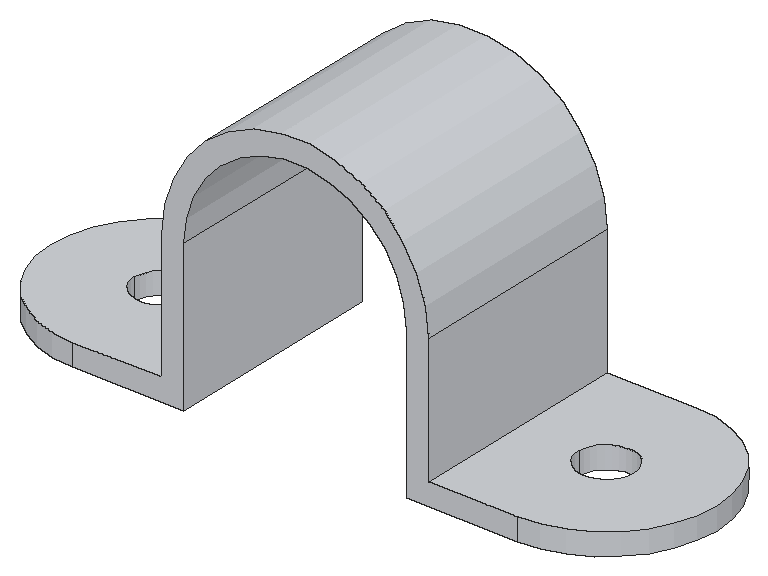
Revit family "PPS20W", category Generic Models, Revit 2017
Family settings
  Can host rebar = No
  Round Connector Dimension = Use Diameter
  Part Type = Normal
  Work Plane-Based = Yes
  Always vertical = No
  Cut with Voids When Loaded = No
  Shared = No
  Room Calculation Point = No
Parameters (values of type "NBS Standard Parameters")
  Weight = "0.0069Kg"
  WarrantyStartDate [instance] = "1900-12-31T23:59:59"
  WarrantyGuarantorParts = "n/a"
  WarrantyGuarantorLabor = "n/a"
  WarrantyDurationUnit = "1 year"
  WarrantyDurationParts = "n/a"
  WarrantyDurationLabor = "n/a"
  WarrantyDescription = "n/a"
  Version = "1"
  Uniclass2 = "Pr_65_70_11_20"
  TagNumber [instance] = "n/a"
  SustainabilityPerformance = "n/a"
  Size = "20mm"
  Shape = "n/a"
  SerialNumber [instance] = "n/a"
  Revision = "n/a"
  ReplacementCost = "n/a"
  ProductInformation = "www.metpro.co.uk/pdf/pps20w.pdf"
  NominalWidth = 20 mm
  NominalLength = 55 mm
  NominalHeight = 21 mm
  Name = ""
  NBSTypeID = ""
  NBSReference = "90-55-10/460"
  NBSOfficeMasterTag = ""
  NBSNote = ""
  NBSDescription = "Conduit Fittings"
  NBSCertification = ""
  ModelReference = "PPS20W"
  ModelNumber = "n/a"
  Material = "PVC"
  ManufacturerURL = "www.metpro.co.uk"
  ManufacturerName = "Metpro Ltd"
  Keynote = "Manufactured to BS4607 Part 1"
  InstallationDate [instance] = "1900-12-31T23:59:59"
  IfcExportType = ""
  IfcExportAs = ""
  Grade = "n/a"
  Finish = "White"
  Features = "n/a"
  ExpectedLife = "n/a"
  DurationUnit = "year"
  Description = "PPS20W -  20mm PVC Plain Saddle"
  Default Elevation = 1219.2 mm
  Constituents = "n/a"
  Color = "n/a"
  CodePerformance = "n/a"
  Category = "n/a"
  BarCode [instance] = "n/a"
  BIMObjectName = "Metpro_metprolibrary_conduitfittings_PVC component_accessory"
  Author = "Metpro Ltd"
  AssetType = ""
  AssetIdentifier [instance] = "n/a"
  AccessibilityPerformance = "n/a"
Reference planes
  plane 1 "Center (Front/Back)": y = 0
  plane 2: z = 0
  plane 3 "Center (Left/Right)": x = 0
Forms (mm)
  Extrusion 1, solid
    sketch origin (-53.563, -43.66, -2.858) x (0, 0, -1) y (-1, 0, 0)
      loop
        line (-14.358, 10) -> (-0.858, 10) -> (-0.858, 30) -> (-2.858, 30) -> (-2.858, 12) -> (-14.358, 12)
        arc (-14.358, 12) -> (-26.358, 0) -> (-14.358, -12) r 12
        line (-14.358, -12) -> (-2.858, -12) -> (-2.858, -30) -> (-0.858, -30) -> (-0.858, -10) -> (-14.358, -10)
        arc (-14.358, -10) -> (-24.358, 0) -> (-14.358, 10) r 10
    from 0 to 20
  Extrusion 2, void
    sketch origin (-63.563, -43.66, 0) x (0, -1, 0) y (-1, 0, 0)
      loop
        line (0, 10) -> (5.77, 10) -> (5.77, 22.94) -> (-23.161, 22.94) -> (-23.161, 10) -> (-20, 10)
        arc (-20, 10) -> (-10, 20) -> (0, 10) r 10
      loop
        arc (0, -30) -> (-10, -40) -> (-20, -30) r 10
        line (-20, -30) -> (-23.161, -30) -> (-23.161, -42.94) -> (5.77, -42.94) -> (5.77, -30) -> (0, -30)
      loop
        circle (-10, 10) r 2.504
      loop
        circle (-10, -30) r 2.507
    from 0 to 2.493
Cuts and joins
  Extrusion 2 cuts Extrusion 1
Dimensions and locks
  aligned and locked: level to plane 2
